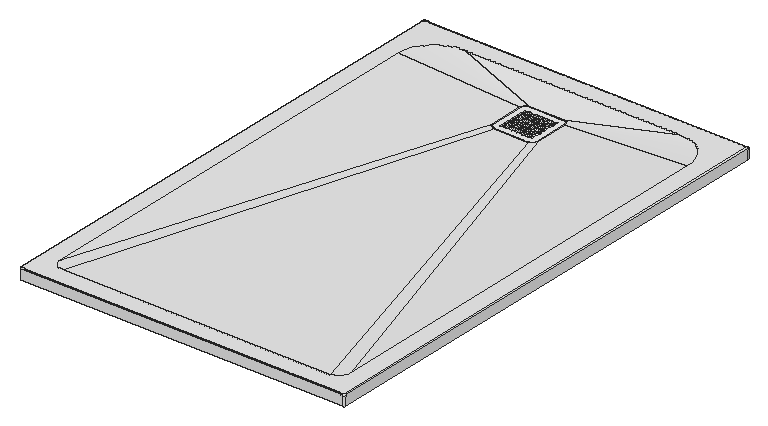
Revit family "IS_UltraFlatS_K8256_BIM_DE", category Plumbing Fixtures, host Face, Revit 2016
Family settings
  Host = Face
  Part Type = Normal
  Round Connector Dimension = Use Diameter
  OmniClass Number = 23.45.05.14.21.11
  OmniClass Title = Bath/Shower Units
  Cut with Voids When Loaded = No
  Shared = No
  Room Calculation Point = No
Parameters (values of type "K8256FS - ULTRAFLAT S PD 140X90 GRIGIO CEMENTO")
  WarrantyStartDate = "n/a"
  WarrantyGuarantorParts = "n/a"
  WarrantyGuarantorLabor = "n/a"
  WarrantyDurationUnit = "n/a"
  WarrantyDurationParts = "n/a"
  WarrantyDurationLabor = "n/a"
  WarrantyDescription = "n/a"
  WFU = 0
  VolumeUnits = "Litres"
  Version = "1"
  Uniclass2015Version = "Products v1.1"
  Uniclass2015Title = "Shower trays"
  Uniclass2015Code = "Pr_40_20_06_84"
  URL = "www.idealstandard.de"
  Type Comments = "n/a"
  TagNumber = "n/a"
  SustainabilityPerformance = "n/a"
  Space = "Internal"
  Size = "900 x 1400 x 30 mm"
  Shape = "Rectangular"
  SerialNumber = "n/a"
  ReplacementCost = "n/a"
  ProductInformation = "www.idealstandard.de"
  PredefinedType = "n/a"
  Phone = "+49228 5210"
  NominalWidth = 900 mm
  NominalLength = 1400 mm
  NominalHeight = 30 mm
  NominalDepth = 0 mm
  Name = "ISI_IdealStandard_Showers_Ultra Flat S_K8256FS"
  ModelReference = "IS Rechteck-Brausewanne ULTRA FLAT S, 1400x900x30mm, Quarzgrau"
  ModelNumber = "K8256FS"
  Model = "K8256FS"
  Material = "Sanitary Brass"
  ManufacturerURL = "www.idealstandard.de"
  Manufacturer = "idealstandard.de@idealstandard.com"
  MainMaterial = IS_RenderMaterial_Grey
  LinearUnits = "millimeters"
  Keynote = ""
  InstallationInstructions = "www.idealstandard.de\\produkte"
  InstallationDate = "1900-12-31T23:59:59"
  Help = "idealstandard.de@idealstandard.com"
  HWFU = 0
  GrossWeight = "45,5 kg"
  Grade = "n/a"
  Finish = "Concrete Grey"
  Features = "ULTRA FLAT S rectangular shower tray 1400x900mm"
  ExpectedLife = "25"
  DurationUnit = "year"
  DistributedBy = "n/a"
  Description = "Ultraflat S Pd 140 x 90 Grigio Cemento"
  Default Elevation = 0 mm
  CurrencyUnit = "€"
  CreatedOn = "42774"
  Cost = 0
  Constituents = "n/a"
  ConnectionType = "Plumbing"
  Color = "Concrete Grey"
  CodePerformance = "0"
  CWFU = 0
  Brand = "Ideal Standard"
  BarCode = "4015413070706"
  BIMObjectName = "ISI_IdealStandard_Showers_Ultra Flat S_K8256FS"
  Author = "Ideal Standard"
  AssetType = "Fixed"
  AssetIdentifier = "n/a"
  Assembly Code = "C1030200"
  AreaUnits = "millimeters"
  AreaMeasurement = "n/a"
  Accessories = "www.idealstandard.de\\ersatzteile"
  AccessibilityPerformance = "n/a"
Types (5, lengths in mm): name | Name | ModelReference | ModelNumber | Model | MainMaterial | Finish | Description | Color | BarCode | BIMObjectName
  K8256FR - ULTRAFLAT S PD 140X90 BIANCO | "ISI_IdealStandard_Showers_Ultra Flat S_K8256FR" | "IS Rechteck-Brausewanne ULTRA FLAT S, 1400x900x30mm, Carraraweiß" | "K8256FR" | "K8256FR" | IS_RenderMaterial_White | "Pure White" | "Ultraflat S Pd 140 x 90 Bianco" | "Pure White" | "4015413067720" | "ISI_IdealStandard_Showers_Ultra Flat S_K8256FR"
  K8256FS - ULTRAFLAT S PD 140X90 GRIGIO CEMENTO | "ISI_IdealStandard_Showers_Ultra Flat S_K8256FS" | "IS Rechteck-Brausewanne ULTRA FLAT S, 1400x900x30mm, Quarzgrau" | "K8256FS" | "K8256FS" | IS_RenderMaterial_Grey | "Concrete Grey" | "Ultraflat S Pd 140 x 90 Grigio Cemento" | "Concrete Grey" | "4015413070706" | "ISI_IdealStandard_Showers_Ultra Flat S_K8256FS"
  K8256FT - ULTRAFLAT S PD 140X90 SABBIA | "ISI_IdealStandard_Showers_Ultra Flat S_K8256FT" | "IS Rechteck-Brausewanne ULTRA FLAT S, 1400x900x30mm, Sandstein" | "K8256FT" | "K8256FT" | IS_RenderMaterial_Sand | "Beach Sand" | "Ultraflat S Pd 140 x 90 Sabbia" | "Beach Sand" | "4015413071093" | "ISI_IdealStandard_Showers_Ultra Flat S_K8256FT"
  K8256FV - ULTRAFLAT S PD 140X90 NERO | "ISI_IdealStandard_Showers_Ultra Flat S_K8256FV" | "IS Rechteck-Brausewanne ULTRA FLAT S, 1400x900x30mm, Schiefer" | "K8256FV" | "K8256FV" | IS_RenderMaterial_Black | "Jet Black" | "Ultraflat S Pd 140 x 90 Nero" | "Jet Black" | "4015413071826" | "ISI_IdealStandard_Showers_Ultra Flat S_K8256FV"
  K8256FU - ULTRAFLAT S PD 140X90 MOKA | "ISI_IdealStandard_Showers_Ultra Flat S_K8256FU" | "IS Rechteck-Brausewanne ULTRA FLAT S, 1400x900x30mm, Lavabraun" | "K8256FU" | "K8256FU" | IS_RenderMaterial_Moka | "Deep Moka" | "Ultraflat S Pd 140 x 90 Moka" | "Deep Moka" | "4015413071505" | "ISI_IdealStandard_Showers_Ultra Flat S_K8256FU"
Reference planes
  plane 1 "Center (Front/Back)": y = 0
  plane 2: z = 0
  plane 3 "Center (Left/Right)": x = 0
  plane 4: z = 30
  plane 5: y = -1400
  plane 6: y = -1350
  plane 7: x = -450
  plane 8: x = 450
Forms (mm)
  Extrusion 1, solid, material "IS_RenderMaterial_Grey" <- "MainMaterial"
    sketch origin (0, 0, 0) x (1, 0, 0) y (0, 1, 0)
      loop
        arc (-445, 0) -> (-448.536, -1.464) -> (-450, -5) r 5
        line (-450, -5) -> (-450, -1395)
        arc (-450, -1395) -> (-448.536, -1398.536) -> (-445, -1400) r 5
        line (-445, -1400) -> (445, -1400)
        arc (445, -1400) -> (448.536, -1398.536) -> (450, -1395) r 5
        line (450, -1395) -> (450, -5)
        arc (450, -5) -> (448.536, -1.464) -> (445, 0) r 5
        line (445, 0) -> (-445, 0)
    from 0 to 30
  Blend 2, void
    base sketch origin (0, 39.744, 30) x (-1, 0, 0) y (0, -1, 0)
      loop
        arc (300, 89.744) -> (370.711, 119.033) -> (400, 189.744) r 100
        line (400, 189.744) -> (400, 1359.744)
        arc (400, 1359.744) -> (391.213, 1380.957) -> (370, 1389.744) r 30
        line (370, 1389.744) -> (-370, 1389.744)
        arc (-370, 1389.744) -> (-391.213, 1380.957) -> (-400, 1359.744) r 30
        line (-400, 1359.744) -> (-400, 189.744)
        arc (-400, 189.744) -> (-370.711, 119.033) -> (-300, 89.744) r 100
        line (-300, 89.744) -> (300, 89.744)
    top sketch origin (0, 39.744, 30) x (-1, 0, 0) y (0, -1, 0)
      loop
        arc (47.5, 177.244) -> (58.107, 181.637) -> (62.5, 192.244) r 15
        line (62.5, 192.244) -> (62.5, 287.244)
        arc (62.5, 287.244) -> (58.107, 297.85) -> (47.5, 302.244) r 15
        line (47.5, 302.244) -> (-47.5, 302.244)
        arc (-47.5, 302.244) -> (-58.107, 297.85) -> (-62.5, 287.244) r 15
        line (-62.5, 287.244) -> (-62.5, 192.244)
        arc (-62.5, 192.244) -> (-58.107, 181.637) -> (-47.5, 177.244) r 15
        line (-47.5, 177.244) -> (47.5, 177.244)
    from 0 to -15
  Revolve 3, void
    sketch origin (-65.411, -200, 1219.2) x (-1, 0, 0) y (0, 0, 1)
      loop
        line (-65.411, -1219.2) -> (-20.411, -1219.2) -> (-20.411, -1214.2) -> (-13.411, -1207.2) -> (-65.411, -1207.2) -> (-65.411, -1219.2)
      axis (-65.411, -1219.2) -> (-65.411, -1207.2)
    angle from 0 to 360
  Extrusion 4, void
    sketch origin (0, -134.515, 12) x (-1, 0, 0) y (0, 1, 0)
      loop
        arc (-47.5, -2.985) -> (-58.107, -7.379) -> (-62.5, -17.985) r 15
        line (-62.5, -17.985) -> (-62.5, -112.985)
        arc (-62.5, -112.985) -> (-58.107, -123.592) -> (-47.5, -127.985) r 15
        line (-47.5, -127.985) -> (47.5, -127.985)
        arc (47.5, -127.985) -> (58.107, -123.592) -> (62.5, -112.985) r 15
        line (62.5, -112.985) -> (62.5, -17.985)
        arc (62.5, -17.985) -> (58.107, -7.379) -> (47.5, -2.985) r 15
        line (47.5, -2.985) -> (-47.5, -2.985)
    from 0 to -3
  Extrusion 5, solid, material "Chrome - Polished"
    sketch origin (0, -134.515, 12) x (0, 1, 0) y (-1, 0, 0)
      loop
        arc (-4.985, 46.539) -> (-9.074, 56.411) -> (-18.946, 60.5) r 13.961
        line (-18.946, 60.5) -> (-111.985, 60.5)
        arc (-111.985, 60.5) -> (-121.885, 56.399) -> (-125.985, 46.5) r 14
        line (-125.985, 46.5) -> (-125.985, -46.5)
        arc (-125.985, -46.5) -> (-121.885, -56.399) -> (-111.985, -60.5) r 14
        line (-111.985, -60.5) -> (-18.985, -60.5)
        arc (-18.985, -60.5) -> (-9.086, -56.399) -> (-4.985, -46.5) r 14
        line (-4.985, -46.5) -> (-4.985, 46.539)
      loop
        line (-64.007, 45) -> (-64.007, 32) -> (-52.007, 32) -> (-52.007, 45) -> (-64.007, 45)
      loop
        line (-49.007, 45) -> (-49.007, 32) -> (-37.007, 32) -> (-37.007, 45) -> (-49.007, 45)
      loop
        line (-34.007, 45) -> (-34.007, 32) -> (-22.007, 32) -> (-22.007, 45) -> (-34.007, 45)
      loop
        line (-34.007, 29) -> (-34.007, 16) -> (-22.007, 16) -> (-22.007, 29) -> (-34.007, 29)
      loop
        line (-34.007, 13) -> (-34.007, 1.526) -> (-22.007, 1.526) -> (-22.007, 13) -> (-34.007, 13)
      loop
        line (-37.007, 29) -> (-49.007, 29) -> (-49.007, 16) -> (-37.007, 16) -> (-37.007, 29)
      loop
        line (-37.007, 13) -> (-49.007, 13) -> (-49.007, 1.526) -> (-37.007, 1.526) -> (-37.007, 13)
      loop
        line (-52.007, 29) -> (-64.007, 29) -> (-64.007, 16) -> (-52.007, 16) -> (-52.007, 29)
      loop
        line (-52.007, 13) -> (-64.007, 13) -> (-64.007, 1.526) -> (-52.007, 1.526) -> (-52.007, 13)
      loop
        line (-64.007, -45) -> (-52.007, -45) -> (-52.007, -32) -> (-64.007, -32) -> (-64.007, -45)
      loop
        line (-49.007, -45) -> (-37.007, -45) -> (-37.007, -32) -> (-49.007, -32) -> (-49.007, -45)
      loop
        line (-34.007, -45) -> (-22.007, -45) -> (-22.007, -32) -> (-34.007, -32) -> (-34.007, -45)
      loop
        line (-34.007, -29) -> (-22.007, -29) -> (-22.007, -16) -> (-34.007, -16) -> (-34.007, -29)
      loop
        line (-34.007, -13) -> (-22.007, -13) -> (-22.007, -1.526) -> (-34.007, -1.526) -> (-34.007, -13)
      loop
        line (-37.007, -29) -> (-37.007, -16) -> (-49.007, -16) -> (-49.007, -29) -> (-37.007, -29)
      loop
        line (-37.007, -13) -> (-37.007, -1.526) -> (-49.007, -1.526) -> (-49.007, -13) -> (-37.007, -13)
      loop
        line (-52.007, -29) -> (-52.007, -16) -> (-64.007, -16) -> (-64.007, -29) -> (-52.007, -29)
      loop
        line (-52.007, -13) -> (-52.007, -1.526) -> (-64.007, -1.526) -> (-64.007, -13) -> (-52.007, -13)
      loop
        line (-66.963, 45) -> (-78.963, 45) -> (-78.963, 32) -> (-66.963, 32) -> (-66.963, 45)
      loop
        line (-81.963, 45) -> (-93.963, 45) -> (-93.963, 32) -> (-81.963, 32) -> (-81.963, 45)
      loop
        line (-96.963, 45) -> (-108.963, 45) -> (-108.963, 32) -> (-96.963, 32) -> (-96.963, 45)
      loop
        line (-96.963, 29) -> (-108.963, 29) -> (-108.963, 16) -> (-96.963, 16) -> (-96.963, 29)
      loop
        line (-96.963, 13) -> (-108.963, 13) -> (-108.963, 1.526) -> (-96.963, 1.526) -> (-96.963, 13)
      loop
        line (-93.963, 29) -> (-93.963, 16) -> (-81.963, 16) -> (-81.963, 29) -> (-93.963, 29)
      loop
        line (-93.963, 13) -> (-93.963, 1.526) -> (-81.963, 1.526) -> (-81.963, 13) -> (-93.963, 13)
      loop
        line (-78.963, 29) -> (-78.963, 16) -> (-66.963, 16) -> (-66.963, 29) -> (-78.963, 29)
      loop
        line (-78.963, 13) -> (-78.963, 1.526) -> (-66.963, 1.526) -> (-66.963, 13) -> (-78.963, 13)
      loop
        line (-66.963, -45) -> (-66.963, -32) -> (-78.963, -32) -> (-78.963, -45) -> (-66.963, -45)
      loop
        line (-81.963, -45) -> (-81.963, -32) -> (-93.963, -32) -> (-93.963, -45) -> (-81.963, -45)
      loop
        line (-96.963, -45) -> (-96.963, -32) -> (-108.963, -32) -> (-108.963, -45) -> (-96.963, -45)
      loop
        line (-96.963, -29) -> (-96.963, -16) -> (-108.963, -16) -> (-108.963, -29) -> (-96.963, -29)
      loop
        line (-96.963, -13) -> (-96.963, -1.526) -> (-108.963, -1.526) -> (-108.963, -13) -> (-96.963, -13)
      loop
        line (-93.963, -29) -> (-81.963, -29) -> (-81.963, -16) -> (-93.963, -16) -> (-93.963, -29)
      loop
        line (-93.963, -13) -> (-81.963, -13) -> (-81.963, -1.526) -> (-93.963, -1.526) -> (-93.963, -13)
      loop
        line (-78.963, -29) -> (-66.963, -29) -> (-66.963, -16) -> (-78.963, -16) -> (-78.963, -29)
      loop
        line (-78.963, -13) -> (-66.963, -13) -> (-66.963, -1.526) -> (-78.963, -1.526) -> (-78.963, -13)
    from 0 to 3
  Sweep 6, void
    path in 3D
      loop
        arc (450, -5, 30) -> (448.536, -1.464, 30) -> (445, 0, 30) r 5
        line (445, 0, 30) -> (-445, 0, 30)
        arc (-445, 0, 30) -> (-448.536, -1.464, 30) -> (-450, -5, 30) r 5
        line (-450, -5, 30) -> (-450, -1395, 30)
        arc (-450, -1395, 30) -> (-448.536, -1398.536, 30) -> (-445, -1400, 30) r 5
        line (-445, -1400, 30) -> (445, -1400, 30)
        arc (445, -1400, 30) -> (448.536, -1398.536, 30) -> (450, -1395, 30) r 5
        line (450, -1395, 30) -> (450, -5, 30)
    profile origin (450, -700, 30) x (-1, 0, 0) y (0, 0, 1)
      loop
        line (0, 0) -> (0, -3)
        arc (0, -3) -> (0.879, -0.879) -> (3, 0) r 3
        line (3, 0) -> (0, 0)
Cuts and joins
  Blend 2, Revolve 3, Extrusion 4, Sweep 6 cuts Extrusion 1
  Blend 2 cuts Extrusion 5
Lines and regions (mm)
  sketch lines
    curve 1: line (450, -1395, 30) -> (450, -5, 30)
    curve 2: arc (450, -1395, 30) -> (448.536, -1398.536, 30) -> (445, -1400, 30) r 5
    curve 3: line (-445, -1400, 30) -> (445, -1400, 30)
    curve 4: arc (-445, -1400, 30) -> (-448.536, -1398.536, 30) -> (-450, -1395, 30) r 5
    curve 5: line (-450, -5, 30) -> (-450, -1395, 30)
    curve 6: arc (-450, -5, 30) -> (-448.536, -1.464, 30) -> (-445, 0, 30) r 5
    curve 7: line (445, 0, 30) -> (-445, 0, 30)
    curve 8: arc (445, 0, 30) -> (448.536, -1.464, 30) -> (450, -5, 30) r 5
Dimensions and locks
  "NominalHeight": level to plane 4
  "NominalLength": plane 1 "Center (Front/Back)" to plane 5
  "NominalWidth": plane 7 to plane 8
  aligned and locked: plane 2 to host face
  aligned and locked: level to host face
  aligned and locked: plane 7 to cut or joined group of Extrusion 1, Blend 2, Revolve 3, Extrusion 4, Sweep 6
  aligned and locked: plane 8 to cut or joined group of Extrusion 1, Blend 2, Revolve 3, Extrusion 4, Sweep 6
  aligned and locked: Extrusion 1 to plane 5
Automatic sketch dimensions
  host sketch curve to host sketch curve = 2438.4 mm
  host sketch curve to host sketch curve = 2405.355 mm
  Extrusion 1 sketch curve to plane 7 = 0 mm
  Extrusion 1 sketch curve to plane 5 = 0 mm
  plane 1 "Center (Front/Back)" to Extrusion 1 sketch curve = 0 mm
  Extrusion 1 sketch curve to plane 8 = 0 mm
  Extrusion 1 sketch curve to plane 7 = 5 mm
  plane 1 "Center (Front/Back)" to Extrusion 1 sketch curve = 5 mm
  plane 8 to Extrusion 1 sketch curve = 5 mm  (x2)
  plane 6 to Blend 2 sketch curve = 0 mm
  plane 6 to Blend 2 sketch curve = 30 mm  (x2)
  plane 8 to Blend 2 sketch curve = 50 mm
  Blend 2 sketch curve to Blend 2 sketch curve = 100 mm
  Blend 2 sketch curve to plane 7 = 150 mm
  Blend 2 sketch curve to plane 7 = 80 mm
  plane 1 "Center (Front/Back)" to Blend 2 sketch curve = 150 mm
  plane 3 "Center (Left/Right)" to Blend 2 sketch curve = 62.5 mm
  Blend 2 sketch curve to Blend 2 sketch curve = 15 mm  (x3)
  Blend 2 sketch curve to plane 3 "Center (Left/Right)" = 47.5 mm  (x2)
  plane 1 "Center (Front/Back)" to Blend 2 sketch curve = 137.5 mm
  Blend 2 sketch curve to Blend 2 sketch curve = 95 mm
  Revolve 3 sketch curve to level = 0 mm
  Revolve 3 sketch curve to plane 3 "Center (Left/Right)" = 0 mm  (x2)
  level to Revolve 3 sketch curve = 5 mm
  Revolve 3 sketch curve to plane 3 "Center (Left/Right)" = 45 mm
  Revolve 3 sketch curve to Revolve 3 sketch curve = 7 mm
  Revolve 3 sketch curve to Revolve 3 sketch curve = 12 mm
  Revolve 3 sketch curve to level = 10 mm
  plane 4 to Revolve 3 sketch curve = 7.813 mm
  plane 3 "Center (Left/Right)" to Extrusion 4 sketch curve = 62.5 mm
  Extrusion 4 sketch curve to Extrusion 4 sketch curve = 15 mm  (x3)
  Extrusion 4 sketch curve to plane 3 "Center (Left/Right)" = 47.5 mm  (x2)
  plane 1 "Center (Front/Back)" to Extrusion 4 sketch curve = 137.5 mm
  Extrusion 4 sketch curve to Extrusion 4 sketch curve = 95 mm
  plane 3 "Center (Left/Right)" to Extrusion 5 sketch curve = 46.5 mm
  plane 1 "Center (Front/Back)" to Extrusion 5 sketch curve = 260.5 mm
  Extrusion 5 sketch curve to Extrusion 5 sketch curve = 14 mm  (x3)
  Extrusion 5 sketch curve to Extrusion 5 sketch curve = 3.022 mm  (x3)
  Extrusion 5 sketch curve to Extrusion 5 sketch curve = 0 mm  (x55)
  plane 3 "Center (Left/Right)" to Extrusion 5 sketch curve = 1.526 mm  (x6)
  Extrusion 5 sketch curve to Extrusion 5 sketch curve = 12 mm  (x18)
  Extrusion 5 sketch curve to Extrusion 5 sketch curve = 3 mm  (x38)
  Extrusion 5 sketch curve to Extrusion 5 sketch curve = 2.956 mm  (x6)
  Extrusion 5 sketch curve to Extrusion 5 sketch curve = 3.061 mm
  Extrusion 5 sketch curve to Extrusion 5 sketch curve = 1.5 mm  (x3)
  Extrusion 5 sketch curve to Extrusion 5 sketch curve = 13 mm  (x9)
  Extrusion 5 sketch curve to plane 3 "Center (Left/Right)" = 1.526 mm  (x6)
  Extrusion 5 sketch curve to Extrusion 5 sketch curve = 11.474 mm  (x2)
  Sweep 6 sketch curve to profile plane = 0 mm  (x2)
  Sweep 6 sketch curve to profile plane = 3 mm
Connectors
  piping at (0, -200, 0), diameter 90
    settings: on cut or joined group of Extrusion 1, Blend 2, Revolve 3, Extrusion 4, Sweep 6, index 1, connector inside diameter 609.6 mm, connector length 0 mm, flow factor 0, pipe flow 0.0 L/s, pressure drop 0.0 Pa, fitting loss kfactor 0, connector angle 0.00°, fixture units 0, engagement length 0 mm, angle of deflection 0.00°, flow configuration 2, flow direction 2, fitting loss method 0, system type 16, joint type 0, gender type 0, connector reference index -1, connector utility 0, adjustable connector no, is connector primary yes, connector description ""
